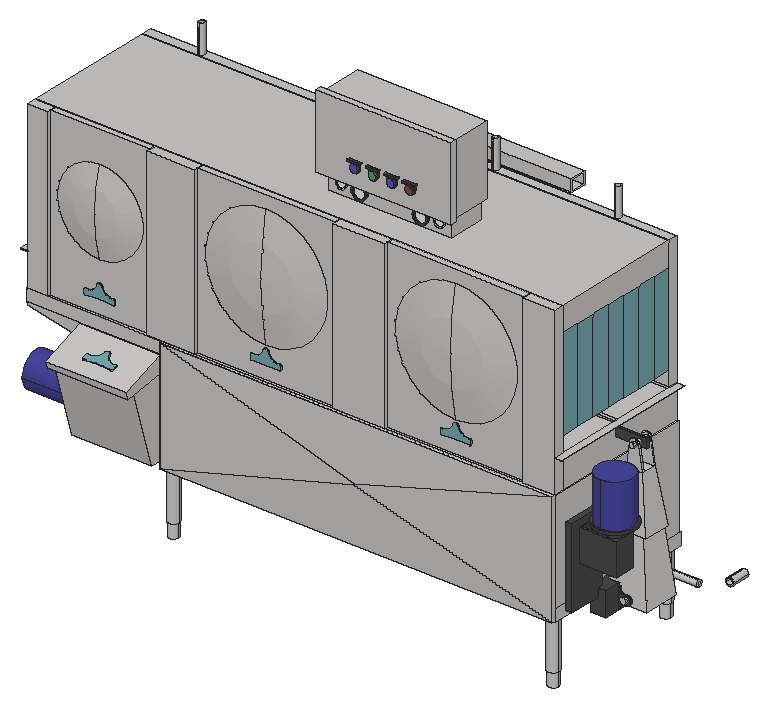
Revit family (continued)
Connectors (in)
  piping at (37.32772, -48.75, 60), driven by "Building Hot Water Flow"
    settings: on Extrusion 77, index 7, connector radius 3/8", flow factor 0, pipe flow 0.00 GPM, pressure drop 0.00 psi, fitting loss kfactor 0, connector angle 0.00°, fixture units 0, flow configuration 1, flow direction 1, fitting loss method 0, system type 19, connector reference index -1, connector utility 0, adjustable connector no, is connector primary no, fitting loss table "", connector description "Building Hot Water"
  hvac at (-24.67228, -60.5, 59.5), driven by "Exhaust Volume", driven by "Exhaust Vent Depth", driven by "Exhaust Vent Width", driven by "Exhaust Vent Text"
    settings: on cut or joined group of Extrusion 81, Extrusion 99, index 8, duct flow 0 CFM, flow factor 0, pres drop 0.00 in-wg, loss coef 0, conn angle 0.00°, conn width 3 7/8", conn height 24 7/8", conn radius 12", duct sys type 3, conn prof type 1, flow config 0, flow direction 2, loss method 0, conn ref index -1, conn util no, is conn primary yes, conn desc "Vent, Load End"
  piping at (-10.67228, -48.75, 60), driven by "Cold Water Flow"
    settings: on Extrusion 100, index 9, connector radius 3/8", flow factor 0, pipe flow 0.00 GPM, pressure drop 0.00 psi, fitting loss kfactor 0, connector angle 0.00°, fixture units 0, flow configuration 1, flow direction 1, fitting loss method 0, system type 20, connector reference index -1, connector utility 0, adjustable connector no, is connector primary no, fitting loss table "", connector description "Cold Water"
  piping at (-9.67228, -51, 6), driven by "Indirect Waste Flow"
    settings: on Extrusion 95, index 10, connector radius 1", flow factor 0, pipe flow 0.00 GPM, pressure drop 0.00 psi, fitting loss kfactor 0, connector angle 0.00°, fixture units 0, flow configuration 1, flow direction 2, fitting loss method 0, system type 16, connector reference index -1, connector utility 0, adjustable connector no, is connector primary no, fitting loss table "", connector description "Indirect Waste"
  piping at (72.32772, -51, 8)
    settings: on Sweep 102, index 11, connector radius 3/8", flow factor 0, pipe flow 0.00 GPM, pressure drop 0.00 psi, fitting loss kfactor 0, connector angle 0.00°, fixture units 0, flow configuration 1, flow direction 2, fitting loss method 0, system type 8, connector reference index -1, connector utility 0, adjustable connector no, is connector primary no, fitting loss table "", connector description "Condensate Return"
  piping at (77.32772, -51, 10), driven by "Steam Supply Volume"
    settings: on Extrusion 101, index 12, connector radius 1/2", flow factor 0, pipe flow 0.00 GPM, pressure drop 0.00 psi, fitting loss kfactor 0, connector angle 0.00°, fixture units 0, flow configuration 1, flow direction 1, fitting loss method 0, system type 7, connector reference index -1, connector utility 0, adjustable connector no, is connector primary no, fitting loss table "", connector description "Steam Supply"
Definition of nested family "QF_Stero_ER-86S_L-R_S_EX"
  Parameters (values of type "Nested")
    Watermarked By = "http://revitwatermark.com"
    Ventilation Remarks [instance] = ""
    Type Comments = "⍁⍉⌁⌀⏭⎽⌇⍠⌜⍉⎖⌥⌦⌯⍭⏊⍻⍿⍊⏵⍊⏗⏠⍴⎡⌈⎀⍠⌓⌤⏘⎐⍀⌐⏬⏁⎈⏍⏦⎒⏬⌝⍩⍇⌣〈⎫〉⎁⏊⍥⍖⍥⍝⍦⌖⍀⏌⏭⎝⎼⏷⏞⍻⏯⎽⏷⏞⍻⏯⎽⏷⎺⌻⎝⍎⌧⏷⏟⏿⌿⍜⍦⍤⌁⍬⏶⏎⍊⏚⏉⎞⌡⎀⎪⏈⌟⌿⍾⍼⌟⌿⌢⏮⏝⏝⏛⎽⎻⎷⎳⎻⎗⌾⍼⎴⏿⏰⏑⏮⍮⍺⏼⏅⎏⌽⌻⍽⎝⍮⎧⎯⏛⎼⎮⍾⏬⏇⏎⏳⏦⏠⎧⎳⍷⏿⌏"
    Item Number [instance] = "-"
    Exhaust Volume [instance] = 0 CFM
    Exhaust Vent Width [instance] = 1' - 4"
    Exhaust Vent Depth [instance] = 0' - 4"
    Exhaust Static Press [instance] = 0.00 in-wg
    Exhaust RI Height [instance] = 0' - 0"
    Description = ""
    Assembly Code = ""
  Reference planes (in)
    plane 1 "Center (Back)": y = 0
    plane 2: z = 0
    plane 3 "Center (Left)": x = 0
    plane 4: x = 16
    plane 5: y = -4
  Lines and regions (in)
    symbolic lines, style "QF_Multiple Utilities"
      curve 1: line (0, 0, 0) -> (16, 0, 0)
      curve 2: line (0, -4, 0) -> (0, 0, 0)
      curve 3: line (16, -4, 0) -> (0, -4, 0)
      curve 4: line (16, 0, 0) -> (16, -4, 0)
      curve 5: line (16, 0, 0) -> (0, -4, 0)
      curve 6: line (0, 0, 0) -> (16, -4, 0)
  Dimensions and locks (in)
    "Exhaust Vent Width": plane 3 "Center (Left)" to plane 4
    "Exhaust Vent Depth": plane 1 "Center (Back)" to plane 5
    aligned and locked: level to plane 2
    aligned and locked: plane 1 "Center (Back)" to curve 1
    aligned and locked: plane 3 "Center (Left)" to curve 2
    aligned and locked: curve 3 to plane 5
    aligned and locked: curve 4 to plane 4
Definition of nested family "QF_Stero_ER-86S_L-R_S_HW2"
  Parameters (values of type "Nested")
    Watermarked By = "http://revitwatermark.com"
    Type Comments = "⍁⍉⌁⌀⏭⎽⌇⍠⌜⍉⎖⌥⌦⌯⍭⏊⍻⍿⍊⏵⍊⏗⏠⍴⎡⌈⎀⍠⌓⌤⏘⎐⍀⌐⏬⏁⎈⏍⏦⎒⏬⌝⍩⍇⌣〈⎫〉⎁⏊⍥⍖⍥⍝⍦⌖⍀⏌⏭⎝⎼⏷⏞⍻⏯⎽⏷⏞⍻⏯⎽⏷⎺⌻⎝⍎⌧⏷⏟⏿⌿⍜⍦⍤⌁⍬⏶⏎⍊⏚⏉⎞⌡⎀⎪⏈⌟⌿⍾⍼⌟⌿⌢⏮⏝⏝⏛⎽⎻⎷⎳⎻⎗⌾⍼⎴⏿⏰⏑⏮⍮⍺⏼⏅⎏⌽⌻⍽⎝⍮⎧⎯⏛⎼⎮⍾⏬⏇⏎⏳⏦⏠⎧⎳⍷⏿⌏"
    Plumbing Remarks [instance] = ""
    Item Number [instance] = "-"
    Hot Water Temperature [instance] = 0 °F
    Hot Water Size [instance] = 1/4"
    Hot Water RI Height [instance] = 0' - 0"
    Hot Water Minimum Pressure [instance] = 0.00 psi
    Hot Water Maximum Pressure [instance] = 0.00 psi
    Hot Water Flow [instance] = 0.00 GPM
    Hot Water Consumption [instance] = 0.00 GPM
    Hot Water Connection Height [instance] = 0' - 0"
    Description = ""
    Hot Water Size Radius [instance] = Hot Water Size / 2  # 1/8"
    Assembly Code = ""
  Reference planes (in)
    plane 1 "Center (Back)": y = 0
    plane 2: z = 0
    plane 3 "Center (Left)": x = 0
  Lines and regions (in)
    symbolic lines, style "QF_Multiple Utilities"
      curve 1: circle (0, 0, 0) r 0.125 normal (0, 0, 1)
  Dimensions and locks (in)
    "Hot Water Size Radius": radius of curve 1
    aligned and locked: level to plane 2
  Automatic sketch dimensions
    plane 1 "Center (Back)" to curve 1 = 0' - 0"
    curve 1 to plane 3 "Center (Left)" = 0' - 0"
Types (3): name | Watermarked By | Volts | FL Amps | Exhaust Vent Text | Apparent Power
  (no name) | "" | 208 V | 17.9 A | "Vent, Load End" | 6441.14 VA
  208/60/3 | "http://revitwatermark.com" | 208 V | 17.9 A | "Vent, Load End" | 6441.14 VA
  480/60/3 | "" | 480 V | 9.5 A | "" | 7888.8 VA
